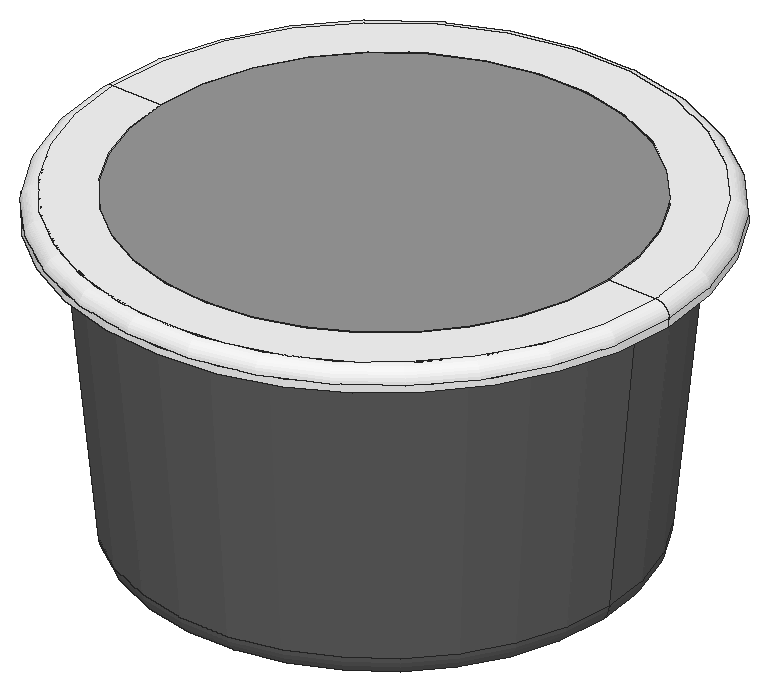
Revit family "3098118 Lighting Fixture_Sylvania_Insaver LED II 150 High_Ceiling Recessed", category Lighting Fixtures, host Face, Revit 2017
Family settings
  Host = Face
  Round Connector Dimension = Use Diameter
  Part Type = Normal
  OmniClass Number = 23.80.70.11.17
  OmniClass Title = Specialized Lighting by Location or Use
  Cut with Voids When Loaded = No
  Light Source = Yes
  Shared = No
  Room Calculation Point = No
Parameters (values of type "Insaver LED II 150 High Output WW DALI")
  Ta Rating = "0°C to 55°C"  # constant formula
  Reflector Radius = Body Radius - 2.0 mm  # 73.0 mm
  Reflector Material = Metal_Sylvania_Insaver LED II_Polished
  Radius = Diameter / 2  # 84.5 mm
  LOR = "100%"  # constant formula
  IP Rating = "IP23 (44 with accessory)"  # constant formula
  Height = 87.0 mm
  Glare Control = "UGR <19 (using accessory)"  # constant formula
  Energy Class = "A++,A+,A"  # constant formula
  Weight = 0 kg
  Wattage = 21.5258 W
  built-in parameter 1150110 = 1 (stored number, unit not read)
  Voltage Comments = "UNV (Universal Voltage; 220-240 Volt)"  # constant formula
  Voltage = 230 V  # constant formula
  URL = "http://www.sylvania-lighting.com"
  built-in parameter 1114217 = 1 (stored number, unit not read)
  Tilt Angle = -90°
  built-in parameter 1150109 = 1 (stored number, unit not read)
  built-in parameter 1150134 = (empty or 0)
  built-in parameter 1150113 = 1 (stored number, unit not read)
  Product Page URL = "http://www.sylvania-lighting.com/product/en-int/products/3098118"
  Product Family = "INSAVER LED II 150"  # constant formula
  Photometry Comments = ""
  Photometric Web File = "3098118_InsaverLEDII150HighOutputWWDALI-200619.ies"
  Life = "50 000 h"  # constant formula
  Emit from Circle Diameter = Diffuser Diameter  # 133.0 mm
  Emit Shape Visible in Rendering = no
  Drive Current = "900mA"  # constant formula
  Distribution type = "Direct - symmetrical"  # constant formula
  Diffuser Material = Glass_Sylvania_Insaver LED II_3000K
  Diffuser Diameter = Diameter - 36.0 mm  # 133.0 mm
  Diameter = 169.0 mm
  Cutout Diameter = Diameter - 19.0 mm  # 150.0 mm
  Colour consistency (SDCM) = "3 step"  # constant formula
  built-in parameter 1114216 [instance] = 1 (stored number, unit not read)
  Model = "Insaver LED II 150 High Output WW DALI"
  Manufacturer = "Feilo Sylvania"
  built-in parameter 1150105 = 166.16 (stored number, unit not read)
  Lumens = 2088 lm
  built-in parameter 1150115 = 1 (stored number, unit not read)
  built-in parameter 1150137 = (empty or 0)
  built-in parameter 1150139 = (empty or 0)
  built-in parameter 1150112 = 1 (stored number, unit not read)
  built-in parameter 1150114 = 1 (stored number, unit not read)
  Lamp Comments = "Integrated LED"  # constant formula
  Lamp = ""
  built-in parameter 1150132 = 2
  built-in parameter 1150102 = (empty or 0)
  built-in parameter 1150107 = 3000 (stored number, unit not read)
  built-in parameter 1150138 = (empty or 0)
  built-in parameter 1150106 = 1.6616 (stored number, unit not read)
  CRI ( Ra ) = 80  # constant formula
  Body Material = Plastic_Sylvania_Insaver LED II_Black
  built-in parameter 1150104 = 9.0116 (stored number, unit not read)
  Dimming Lamp Color Temperature Shift = <None>
  Description = "Circular LED downlight with up to 114lm/W efficacy and 2,400 luminaire lumen output. Innovative easy installation system allows for a rapid, single point installation. For 150mm cut outs. IP44 or UGR<19 compliant with additional accessories. 3 hour emergency and surface mounted versions available. Plus3 version includes Wieland GST connector."  # constant formula
  Default Elevation = 0.0 mm
  Color Filter = 16777215
  Catalog Number = "3098118 Insaver LED II 150 High Output WW DALI"
  built-in parameter 1140040 [instance] = 1
  Body Radius = Cutout Diameter / 2  # 75.0 mm
  Beam Angle = 76°  # constant formula
  built-in parameter 1114218 = 1 (stored number, unit not read)
  built-in parameter 1150133 = 10 (stored number, unit not read)
  Assembly Code = "D5020200"
  Apparent Load Comments = ""
  Apparent Load = 22 VA
  Accessory Material = Plastic_Sylvania_Insaver LED II_White
Reference planes
  plane 1 "Center (Front/Back)": y = 0
  plane 2: z = 0
  plane 3 "Center (Left/Right)": x = 0
  plane 4 "Fixture Top": z = -87
  plane 5 "Fixture Bottom": z = 6
  plane 6 "Reflector Top": z = -60
Forms (mm)
  Extrusion 1, void
    sketch origin (0, 0, 0) x (1, 0, 0) y (0, 1, 0)
      loop
        circle (0, 0) r 75
    from -87 to 0
  Revolve 2, solid, material "Plastic_Sylvania_Insaver LED II_White" <- "Accessory Material", detail levels fine
    sketch origin (0, 0, 0) x (1, 0, 0) y (0, 0, 1)
      loop
        line (-84.5, 0) -> (-66.5, 0) -> (-66.5, 6) -> (-80.5, 6)
        arc (-80.5, 6) -> (-83.328, 4.828) -> (-84.5, 2) r 4
        line (-84.5, 2) -> (-84.5, 0)
      axis (0, 6) -> (0, 0)
    angle from 0 to 360
  Revolve 3, solid, material "Plastic_Sylvania_Insaver LED II_Black" <- "Body Material", detail levels fine
    sketch origin (0, 0, 0) x (1, 0, 0) y (0, 0, 1)
      loop
        line (0, -87) -> (0, -85) -> (-59.475, -85)
        arc (-59.475, -85) -> (-62.901, -83.847) -> (-64.933, -80.857) r 5.666
        arc (-64.933, -80.857) -> (-70.978, -41.634) -> (-73, -2) r 389.454
        line (-73, -2) -> (-73, 0) -> (-75, 0) -> (-75, -2)
        arc (-75, -2) -> (-73.011, -41.414) -> (-67.063, -80.428) r 391.454
        arc (-67.063, -80.428) -> (-64.495, -85.129) -> (-59.475, -87) r 7.666
        line (-59.475, -87) -> (0, -87)
      axis (0, 0) -> (0, -87)
    angle from 0 to 360
  Extrusion 4, solid, material "Glass_Sylvania_Insaver LED II_3000K" <- "Diffuser Material", detail levels fine
    sketch origin (0, 0, 0) x (1, 0, 0) y (0, 1, 0)
      loop
        circle (0, 0) r 66.5
    from 0 to 6
  Revolve 5, solid, material "Metal_Sylvania_Insaver LED II_Polished" <- "Reflector Material", detail levels fine
    sketch origin (0, 0, 0) x (1, 0, 0) y (0, 0, 1)
      loop
        line (-73, 0) -> (-73, -2)
        arc (-73, -2) -> (-46.618, -43.735) -> (0, -60) r 74.94
        line (0, -60) -> (0, -58)
        arc (0, -58) -> (-45.285, -42.24) -> (-71, -1.769) r 72.94
        line (-71, -1.769) -> (-71, 0) -> (-73, 0)
      axis (0, 0) -> (0, -60)
    angle from 0 to 360
  Revolve 6, solid, material "Plastic_Sylvania_Insaver LED II_White" <- "Accessory Material", detail levels coarse+medium
    sketch origin (0, 0, 0) x (1, 0, 0) y (0, 0, 1)
      loop
        line (0, -87) -> (0, 6) -> (-84.5, 6) -> (-84.5, 0) -> (-75, 0) -> (-75, -2)
        arc (-75, -2) -> (-73.011, -41.414) -> (-67.063, -80.428) r 391.454
        arc (-67.063, -80.428) -> (-64.495, -85.129) -> (-59.475, -87) r 7.666
        line (-59.475, -87) -> (0, -87)
      axis (0, 6) -> (0, -87)
    angle from 0 to 360
Lines and regions (mm)
  Masking region 1
    outline origin (0, 0, 0) x (1, 0, 0) y (0, 1, 0)
      loop
        circle (0, 0) r 84.5
  symbolic lines, detail levels fine
    curve 1: arc (66.5, 0, 0) -> (0, 66.5, 0) -> (-66.5, 0, 0) r 66.5
    curve 2: arc (-66.5, 0, 0) -> (0, -66.5, 0) -> (66.5, 0, 0) r 66.5
Dimensions and locks
  "Height": plane 2 to plane 4 "Fixture Top"
  plane 5 "Fixture Bottom" to plane 2 = 6.0 mm
  "Radius": plane 3 "Center (Left/Right)" to Revolve 2 sketch curve
  locked: Revolve 2 sketch curve to plane 2 at 2
  Revolve 2 sketch curve to Revolve 2 sketch curve = 18.0 mm
  "Body Radius": plane 3 "Center (Left/Right)" to Revolve 3 sketch curve
  locked: Revolve 3 sketch curve to Revolve 3 sketch curve at 2
  locked: Revolve 3 sketch curve to plane 4 "Fixture Top" at 2
  "Reflector Radius": Revolve 5 sketch curve to plane 3 "Center (Left/Right)"
  locked: Revolve 5 sketch curve to Revolve 5 sketch curve at 2
  "Radius": Revolve 6 sketch curve to imposter light
  locked: Revolve 6 sketch curve to Revolve 6 sketch curve at 9.5
  "Cutout Diameter": diameter of Extrusion 1 sketch curve
  "Diffuser Diameter": diameter of Extrusion 4 sketch curve
  aligned and locked: plane 2 to host face
  aligned and locked: level to host face
  aligned and locked: Extrusion 1 to plane 4 "Fixture Top"
  aligned and locked: plane 2 to Extrusion 1
  aligned and locked: Revolve 2 sketch curve to plane 2
  aligned and locked: Revolve 2 sketch curve to plane 5 "Fixture Bottom"
  aligned and locked: Revolve 2 sketch curve to plane 3 "Center (Left/Right)"
  aligned and locked: Revolve 3 sketch curve to plane 3 "Center (Left/Right)"  (x2)
  aligned and locked: Extrusion 4 to plane 2
  aligned and locked: plane 5 "Fixture Bottom" to Extrusion 4
  aligned and locked: plane 4 "Fixture Top" to Revolve 3 sketch curve
  aligned and locked: Revolve 3 sketch curve to plane 2
  aligned and locked: Revolve 5 sketch curve to host face
  aligned and locked: Revolve 5 sketch curve to plane 3 "Center (Left/Right)"
  aligned and locked: plane 6 "Reflector Top" to Revolve 5 sketch curve
  aligned and locked: plane 3 "Center (Left/Right)" to Revolve 5 sketch curve
  aligned and locked: imposter light to plane 3 "Center (Left/Right)"
  aligned and locked: imposter light to plane 1 "Center (Front/Back)"
  aligned and locked: imposter light to plane 5 "Fixture Bottom"
  aligned and locked: Revolve 6 sketch curve to plane 3 "Center (Left/Right)"  (x2)
  aligned and locked: plane 4 "Fixture Top" to Revolve 6 sketch curve
  aligned and locked: Revolve 6 sketch curve to imposter light
  aligned and locked: Masking region 1 sketch curve to Revolve 6  (x2)
  aligned and locked: curve 1 to Extrusion 4
  aligned and locked: curve 2 to Extrusion 4
Automatic sketch dimensions
  host sketch curve to host sketch curve = 1040.406 mm
  host sketch curve to host sketch curve = 988.385 mm
  plane 1 "Center (Front/Back)" to Extrusion 1 sketch curve = 0.0 mm
  Extrusion 1 sketch curve to plane 3 "Center (Left/Right)" = 0.0 mm
  Revolve 2 sketch curve to level = 23.903 mm
  plane 5 "Fixture Bottom" to Revolve 2 sketch curve = 38.423 mm
  Revolve 3 sketch curve to Revolve 3 sketch curve = 0.0 mm  (x4)
  Revolve 3 sketch curve to plane 3 "Center (Left/Right)" = 59.475 mm
  Revolve 3 sketch curve to level = 2.0 mm
  plane 3 "Center (Left/Right)" to Revolve 3 sketch curve = 316.454 mm
  Revolve 3 sketch curve to Revolve 3 sketch curve = 5.666 mm
  Revolve 3 sketch curve to level = 21.34 mm
  plane 5 "Fixture Bottom" to Revolve 3 sketch curve = 47.66 mm
  plane 1 "Center (Front/Back)" to Extrusion 4 sketch curve = 0.0 mm
  Extrusion 4 sketch curve to plane 3 "Center (Left/Right)" = 0.0 mm
  Revolve 5 sketch curve to Revolve 5 sketch curve = 0.0 mm
  Revolve 5 sketch curve to Revolve 5 sketch curve = 2.0 mm
  Revolve 5 sketch curve to level = 2.0 mm
  Revolve 5 sketch curve to plane 4 "Fixture Top" = 30.934 mm
  Revolve 5 sketch curve to Revolve 5 sketch curve = 27.127 mm
  Revolve 6 sketch curve to level = 0.0 mm
  plane 4 "Fixture Top" to Revolve 6 sketch curve = 7.666 mm
  Revolve 6 sketch curve to plane 3 "Center (Left/Right)" = 59.475 mm
  Revolve 6 sketch curve to level = 2.0 mm
  plane 3 "Center (Left/Right)" to Revolve 6 sketch curve = 316.454 mm
  Revolve 6 sketch curve to level = 21.34 mm
  Revolve 6 sketch curve to Revolve 6 sketch curve = 47.66 mm
Connectors
  electrical at (0, 0, -87), driven by "Voltage", driven by "Apparent Load"
    settings: index 1, voltage 230 V, apparent load 0 VA, apparent load phase1 22 VA, apparent load phase2 0 VA, apparent load phase3 0 VA, power factor 1, load classification "Lighting", number of poles 1, system type 31, power factor state 1, is connector primary yes, connector utility no, sub classification motor no, connector description ""
